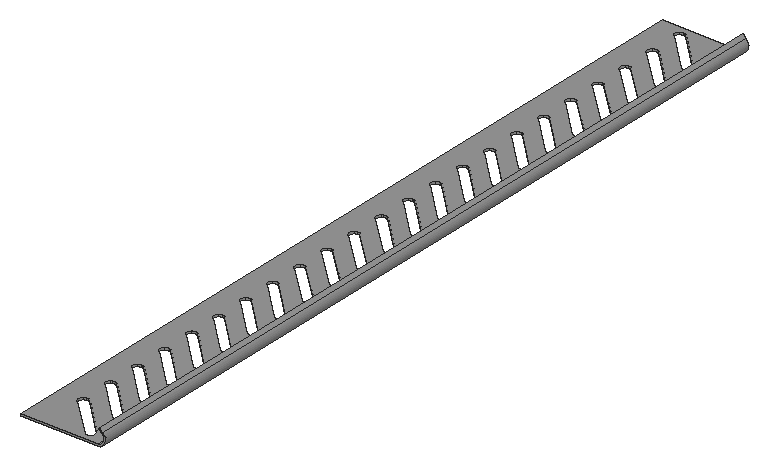
Revit family "Bodenendblech", category Generic Models, Revit 2015
Parameters (values of type "BEB 600 A4")
  URL = "http://www.obo-bettermann.com"
  Material = Stainless Steel, A4
  Manufacturer Art.No. = "7084151"
  Manufacturer = "OBO Bettermann"
  Length = 593 mm
  GTIN = "4012195866381"
  Cut's number = 22
  Article Type = "BEB 600 A4"
Types (29, lengths in mm): name | Material | Manufacturer Art.No. | Length | GTIN | Cut's number | Article Type
  (no name) | Stainless Steel, A4 | "7084151" | 593 | "4012195866381" | 22 | "BEB 600 A4"
  BEB 100 FS | Strip-galvanised | "7083106" | 93 | "4012196231072" | 2 | "BEB 100 FS"
  BEB 150 FS | Strip-galvanised | "7083157" | 143 | "4012196231133" | 4 | "BEB 150 FS"
  BEB 200 FS | Strip-galvanised | "7083203" | 193 | "4012196231195" | 6 | "BEB 200 FS"
  BEB 300 FS | Strip-galvanised | "7083300" | 293 | "4012196231256" | 10 | "BEB 300 FS"
  BEB 400 FS | Strip-galvanised | "7083408" | 393 | "4012196231317" | 14 | "BEB 400 FS"
  BEB 500 FS | Strip-galvanised | "7083505" | 493 | "4012196231379" | 18 | "BEB 500 FS"
  BEB 600 FS | Strip-galvanised | "7083602" | 593 | "4012196231492" | 22 | "BEB 600 FS"
  BEB 100 DD | Strip galvanised zinc/aluminium, Double Dip | "7083618" | 93 | "4012196983728" | 2 | "BEB 100 DD"
  BEB 150 DD | Strip galvanised zinc/aluminium, Double Dip | "7083622" | 143 | "4012196026883" | 4 | "BEB 150 DD"
  BEB 200 DD | Strip galvanised zinc/aluminium, Double Dip | "7083626" | 193 | "4012196982943" | 6 | "BEB 200 DD"
  BEB 300 DD | Strip galvanised zinc/aluminium, Double Dip | "7083630" | 293 | "4012196982882" | 10 | "BEB 300 DD"
  BEB 400 DD | Strip galvanised zinc/aluminium, Double Dip | "7083634" | 393 | "4012196024254" | 14 | "BEB 400 DD"
  BEB 500 DD | Strip galvanised zinc/aluminium, Double Dip | "7083638" | 493 | "4012196024490" | 18 | "BEB 500 DD"
  BEB 600 DD | Strip galvanised zinc/aluminium, Double Dip | "7083642" | 593 | "4012196034635" | 22 | "BEB 600 DD"
  BEB 100 A2 | Stainless Steel, A2 | "7084013" | 93 | "4012196232031" | 2 | "BEB 100 A2"
  BEB 150 A2 | Stainless Steel, A2 | "7084015" | 143 | "4012195995531" | 4 | "BEB 150 A2"
  BEB 200 A2 | Stainless Steel, A2 | "7084048" | 193 | "4012196232093" | 6 | "BEB 200 A2"
  BEB 300 A2 | Stainless Steel, A2 | "7084064" | 293 | "4012196232154" | 10 | "BEB 300 A2"
  BEB 400 A2 | Stainless Steel, A2 | "7084080" | 393 | "4012196232215" | 14 | "BEB 400 A2"
  BEB 500 A2 | Stainless Steel, A2 | "7084102" | 493 | "4012196232277" | 18 | "BEB 500 A2"
  BEB 600 A2 | Stainless Steel, A2 | "7084129" | 593 | "4012196232338" | 22 | "BEB 600 A2"
  BEB 100 A4 | Stainless Steel, A4 | "7084141" | 93 | "4012195866336" | 2 | "BEB 100 A4"
  BEB 150 A4 | Stainless Steel, A4 | "7084142" | 143 | "4012195995548" | 4 | "BEB 150 A4"
  BEB 200 A4 | Stainless Steel, A4 | "7084143" | 193 | "4012195866343" | 6 | "BEB 200 A4"
  BEB 300 A4 | Stainless Steel, A4 | "7084145" | 293 | "4012195866350" | 10 | "BEB 300 A4"
  BEB 400 A4 | Stainless Steel, A4 | "7084147" | 393 | "4012195866367" | 14 | "BEB 400 A4"
  BEB 500 A4 | Stainless Steel, A4 | "7084149" | 493 | "4012195866374" | 18 | "BEB 500 A4"
  BEB 600 A4 | Stainless Steel, A4 | "7084151" | 593 | "4012195866381" | 22 | "BEB 600 A4"
Reference planes
  plane 1 "Center (Front/Back)": y = 0
  plane 2: z = 0
  plane 3 "Center (Left/Right)": x = 0
  plane 4: z = 12.5
  plane 5: x = 34.476
Forms (mm)
  Extrusion 1, solid, material "Stainless Steel, A4" <- "Material"
    sketch origin (0, 0, 0) x (1, 0, 0) y (0, 0, 1)
      loop
        line (0, 0) -> (57.039, 0)
        arc (57.039, 0) -> (62.546, 3.68) -> (61.254, 10.177) r 5.961
        line (61.254, 10.177) -> (58.93, 12.5) -> (58.223, 11.793) -> (60.481, 9.536)
        arc (60.481, 9.536) -> (61.565, 4.087) -> (56.945, 1) r 5
        line (56.945, 1) -> (0, 1) -> (0, 0)
    from -593 to 0
  Extrusion 2, void
    sketch origin (0, 0, 0) x (1, 0, 0) y (0, 1, 0)
      loop
        line (16.081, 32.469) -> (42.96, 5.59)
        arc (42.96, 5.59) -> (45.429, 4.565) -> (47.902, 5.582) r 3.5
        arc (47.902, 5.582) -> (48.926, 8.07) -> (47.895, 10.555) r 3.521
        line (47.895, 10.555) -> (21.057, 37.392)
        arc (21.057, 37.392) -> (18.568, 38.425) -> (16.077, 37.397) r 3.525
        arc (16.077, 37.397) -> (15.06, 34.932) -> (16.081, 32.469) r 3.487
    from 0 to 250
  Extrusion 3, void
    sketch origin (0, 0, 0) x (1, 0, 0) y (0, 1, 0)
      loop
        line (16.088, 582.462) -> (42.952, 555.599)
        arc (42.952, 555.599) -> (45.424, 554.57) -> (47.902, 555.583) r 3.512
        arc (47.902, 555.583) -> (48.921, 558.077) -> (47.886, 560.564) r 3.533
        line (47.886, 560.564) -> (21.05, 587.4)
        arc (21.05, 587.4) -> (18.568, 588.429) -> (16.084, 587.404) r 3.514
        arc (16.084, 587.404) -> (15.064, 584.932) -> (16.088, 582.462) r 3.497
    from 0 to 250
  Extrusion 4, void
    sketch origin (0, 25, 0) x (1, 0, 0) y (0, 1, 0)
      loop
        line (16.081, 32.469) -> (42.96, 5.59)
        arc (42.96, 5.59) -> (45.429, 4.565) -> (47.902, 5.582) r 3.5
        arc (47.902, 5.582) -> (48.926, 8.07) -> (47.895, 10.555) r 3.521
        line (47.895, 10.555) -> (21.057, 37.392)
        arc (21.057, 37.392) -> (18.568, 38.425) -> (16.077, 37.397) r 3.525
        arc (16.077, 37.397) -> (15.06, 34.932) -> (16.081, 32.469) r 3.487
    from 0 to 250
  Extrusion 5, void
    sketch origin (0, 50, 0) x (1, 0, 0) y (0, 1, 0)
      loop
        line (16.081, 32.469) -> (42.96, 5.59)
        arc (42.96, 5.59) -> (45.429, 4.565) -> (47.902, 5.582) r 3.5
        arc (47.902, 5.582) -> (48.926, 8.07) -> (47.895, 10.555) r 3.521
        line (47.895, 10.555) -> (21.057, 37.392)
        arc (21.057, 37.392) -> (18.568, 38.425) -> (16.077, 37.397) r 3.525
        arc (16.077, 37.397) -> (15.06, 34.932) -> (16.081, 32.469) r 3.487
    from 0 to 250
  Extrusion 6, void
    sketch origin (0, 75, 0) x (1, 0, 0) y (0, 1, 0)
      loop
        line (16.081, 32.469) -> (42.96, 5.59)
        arc (42.96, 5.59) -> (45.429, 4.565) -> (47.902, 5.582) r 3.5
        arc (47.902, 5.582) -> (48.926, 8.07) -> (47.895, 10.555) r 3.521
        line (47.895, 10.555) -> (21.057, 37.392)
        arc (21.057, 37.392) -> (18.568, 38.425) -> (16.077, 37.397) r 3.525
        arc (16.077, 37.397) -> (15.06, 34.932) -> (16.081, 32.469) r 3.487
    from 0 to 250
  Extrusion 7, void
    sketch origin (0, 100, 0) x (1, 0, 0) y (0, 1, 0)
      loop
        line (16.081, 32.469) -> (42.96, 5.59)
        arc (42.96, 5.59) -> (45.429, 4.565) -> (47.902, 5.582) r 3.5
        arc (47.902, 5.582) -> (48.926, 8.07) -> (47.895, 10.555) r 3.521
        line (47.895, 10.555) -> (21.057, 37.392)
        arc (21.057, 37.392) -> (18.568, 38.425) -> (16.077, 37.397) r 3.525
        arc (16.077, 37.397) -> (15.06, 34.932) -> (16.081, 32.469) r 3.487
    from 0 to 250
  Extrusion 8, void
    sketch origin (0, 125, 0) x (1, 0, 0) y (0, 1, 0)
      loop
        line (16.081, 32.469) -> (42.96, 5.59)
        arc (42.96, 5.59) -> (45.429, 4.565) -> (47.902, 5.582) r 3.5
        arc (47.902, 5.582) -> (48.926, 8.07) -> (47.895, 10.555) r 3.521
        line (47.895, 10.555) -> (21.057, 37.392)
        arc (21.057, 37.392) -> (18.568, 38.425) -> (16.077, 37.397) r 3.525
        arc (16.077, 37.397) -> (15.06, 34.932) -> (16.081, 32.469) r 3.487
    from 0 to 250
  Extrusion 9, void
    sketch origin (0, 150, 0) x (1, 0, 0) y (0, 1, 0)
      loop
        line (16.081, 32.469) -> (42.96, 5.59)
        arc (42.96, 5.59) -> (45.429, 4.565) -> (47.902, 5.582) r 3.5
        arc (47.902, 5.582) -> (48.926, 8.07) -> (47.895, 10.555) r 3.521
        line (47.895, 10.555) -> (21.057, 37.392)
        arc (21.057, 37.392) -> (18.568, 38.425) -> (16.077, 37.397) r 3.525
        arc (16.077, 37.397) -> (15.06, 34.932) -> (16.081, 32.469) r 3.487
    from 0 to 250
  Extrusion 10, void
    sketch origin (0, 175, 0) x (1, 0, 0) y (0, 1, 0)
      loop
        line (16.081, 32.469) -> (42.96, 5.59)
        arc (42.96, 5.59) -> (45.429, 4.565) -> (47.902, 5.582) r 3.5
        arc (47.902, 5.582) -> (48.926, 8.07) -> (47.895, 10.555) r 3.521
        line (47.895, 10.555) -> (21.057, 37.392)
        arc (21.057, 37.392) -> (18.568, 38.425) -> (16.077, 37.397) r 3.525
        arc (16.077, 37.397) -> (15.06, 34.932) -> (16.081, 32.469) r 3.487
    from 0 to 250
  Extrusion 11, void
    sketch origin (0, 200, 0) x (1, 0, 0) y (0, 1, 0)
      loop
        line (16.081, 32.469) -> (42.96, 5.59)
        arc (42.96, 5.59) -> (45.429, 4.565) -> (47.902, 5.582) r 3.5
        arc (47.902, 5.582) -> (48.926, 8.07) -> (47.895, 10.555) r 3.521
        line (47.895, 10.555) -> (21.057, 37.392)
        arc (21.057, 37.392) -> (18.568, 38.425) -> (16.077, 37.397) r 3.525
        arc (16.077, 37.397) -> (15.06, 34.932) -> (16.081, 32.469) r 3.487
    from 0 to 250
  Extrusion 12, void
    sketch origin (0, 225, 0) x (1, 0, 0) y (0, 1, 0)
      loop
        line (16.081, 32.469) -> (42.96, 5.59)
        arc (42.96, 5.59) -> (45.429, 4.565) -> (47.902, 5.582) r 3.5
        arc (47.902, 5.582) -> (48.926, 8.07) -> (47.895, 10.555) r 3.521
        line (47.895, 10.555) -> (21.057, 37.392)
        arc (21.057, 37.392) -> (18.568, 38.425) -> (16.077, 37.397) r 3.525
        arc (16.077, 37.397) -> (15.06, 34.932) -> (16.081, 32.469) r 3.487
    from 0 to 250
  Extrusion 13, void
    sketch origin (0, 250, 0) x (1, 0, 0) y (0, 1, 0)
      loop
        line (16.081, 32.469) -> (42.96, 5.59)
        arc (42.96, 5.59) -> (45.429, 4.565) -> (47.902, 5.582) r 3.5
        arc (47.902, 5.582) -> (48.926, 8.07) -> (47.895, 10.555) r 3.521
        line (47.895, 10.555) -> (21.057, 37.392)
        arc (21.057, 37.392) -> (18.568, 38.425) -> (16.077, 37.397) r 3.525
        arc (16.077, 37.397) -> (15.06, 34.932) -> (16.081, 32.469) r 3.487
    from 0 to 250
  Extrusion 14, void
    sketch origin (0, 275, 0) x (1, 0, 0) y (0, 1, 0)
      loop
        line (16.081, 32.469) -> (42.96, 5.59)
        arc (42.96, 5.59) -> (45.429, 4.565) -> (47.902, 5.582) r 3.5
        arc (47.902, 5.582) -> (48.926, 8.07) -> (47.895, 10.555) r 3.521
        line (47.895, 10.555) -> (21.057, 37.392)
        arc (21.057, 37.392) -> (18.568, 38.425) -> (16.077, 37.397) r 3.525
        arc (16.077, 37.397) -> (15.06, 34.932) -> (16.081, 32.469) r 3.487
    from 0 to 250
  Extrusion 15, void
    sketch origin (0, 300, 0) x (1, 0, 0) y (0, 1, 0)
      loop
        line (16.081, 32.469) -> (42.96, 5.59)
        arc (42.96, 5.59) -> (45.429, 4.565) -> (47.902, 5.582) r 3.5
        arc (47.902, 5.582) -> (48.926, 8.07) -> (47.895, 10.555) r 3.521
        line (47.895, 10.555) -> (21.057, 37.392)
        arc (21.057, 37.392) -> (18.568, 38.425) -> (16.077, 37.397) r 3.525
        arc (16.077, 37.397) -> (15.06, 34.932) -> (16.081, 32.469) r 3.487
    from 0 to 250
  Extrusion 16, void
    sketch origin (0, 325, 0) x (1, 0, 0) y (0, 1, 0)
      loop
        line (16.081, 32.469) -> (42.96, 5.59)
        arc (42.96, 5.59) -> (45.429, 4.565) -> (47.902, 5.582) r 3.5
        arc (47.902, 5.582) -> (48.926, 8.07) -> (47.895, 10.555) r 3.521
        line (47.895, 10.555) -> (21.057, 37.392)
        arc (21.057, 37.392) -> (18.568, 38.425) -> (16.077, 37.397) r 3.525
        arc (16.077, 37.397) -> (15.06, 34.932) -> (16.081, 32.469) r 3.487
    from 0 to 250
  Extrusion 17, void
    sketch origin (0, 350, 0) x (1, 0, 0) y (0, 1, 0)
      loop
        line (16.081, 32.469) -> (42.96, 5.59)
        arc (42.96, 5.59) -> (45.429, 4.565) -> (47.902, 5.582) r 3.5
        arc (47.902, 5.582) -> (48.926, 8.07) -> (47.895, 10.555) r 3.521
        line (47.895, 10.555) -> (21.057, 37.392)
        arc (21.057, 37.392) -> (18.568, 38.425) -> (16.077, 37.397) r 3.525
        arc (16.077, 37.397) -> (15.06, 34.932) -> (16.081, 32.469) r 3.487
    from 0 to 250
  Extrusion 18, void
    sketch origin (0, 375, 0) x (1, 0, 0) y (0, 1, 0)
      loop
        line (16.081, 32.469) -> (42.96, 5.59)
        arc (42.96, 5.59) -> (45.429, 4.565) -> (47.902, 5.582) r 3.5
        arc (47.902, 5.582) -> (48.926, 8.07) -> (47.895, 10.555) r 3.521
        line (47.895, 10.555) -> (21.057, 37.392)
        arc (21.057, 37.392) -> (18.568, 38.425) -> (16.077, 37.397) r 3.525
        arc (16.077, 37.397) -> (15.06, 34.932) -> (16.081, 32.469) r 3.487
    from 0 to 250
  Extrusion 19, void
    sketch origin (0, 400, 0) x (1, 0, 0) y (0, 1, 0)
      loop
        line (16.081, 32.469) -> (42.96, 5.59)
        arc (42.96, 5.59) -> (45.429, 4.565) -> (47.902, 5.582) r 3.5
        arc (47.902, 5.582) -> (48.926, 8.07) -> (47.895, 10.555) r 3.521
        line (47.895, 10.555) -> (21.057, 37.392)
        arc (21.057, 37.392) -> (18.568, 38.425) -> (16.077, 37.397) r 3.525
        arc (16.077, 37.397) -> (15.06, 34.932) -> (16.081, 32.469) r 3.487
    from 0 to 250
  Extrusion 20, void
    sketch origin (0, 425, 0) x (1, 0, 0) y (0, 1, 0)
      loop
        line (16.081, 32.469) -> (42.96, 5.59)
        arc (42.96, 5.59) -> (45.429, 4.565) -> (47.902, 5.582) r 3.5
        arc (47.902, 5.582) -> (48.926, 8.07) -> (47.895, 10.555) r 3.521
        line (47.895, 10.555) -> (21.057, 37.392)
        arc (21.057, 37.392) -> (18.568, 38.425) -> (16.077, 37.397) r 3.525
        arc (16.077, 37.397) -> (15.06, 34.932) -> (16.081, 32.469) r 3.487
    from 0 to 250
  Extrusion 21, void
    sketch origin (0, 450, 0) x (1, 0, 0) y (0, 1, 0)
      loop
        line (16.081, 32.469) -> (42.96, 5.59)
        arc (42.96, 5.59) -> (45.429, 4.565) -> (47.902, 5.582) r 3.5
        arc (47.902, 5.582) -> (48.926, 8.07) -> (47.895, 10.555) r 3.521
        line (47.895, 10.555) -> (21.057, 37.392)
        arc (21.057, 37.392) -> (18.568, 38.425) -> (16.077, 37.397) r 3.525
        arc (16.077, 37.397) -> (15.06, 34.932) -> (16.081, 32.469) r 3.487
    from 0 to 250
  Extrusion 22, void
    sketch origin (0, 475, 0) x (1, 0, 0) y (0, 1, 0)
      loop
        line (16.081, 32.469) -> (42.96, 5.59)
        arc (42.96, 5.59) -> (45.429, 4.565) -> (47.902, 5.582) r 3.5
        arc (47.902, 5.582) -> (48.926, 8.07) -> (47.895, 10.555) r 3.521
        line (47.895, 10.555) -> (21.057, 37.392)
        arc (21.057, 37.392) -> (18.568, 38.425) -> (16.077, 37.397) r 3.525
        arc (16.077, 37.397) -> (15.06, 34.932) -> (16.081, 32.469) r 3.487
    from 0 to 250
  Extrusion 23, void
    sketch origin (0, 500, 0) x (1, 0, 0) y (0, 1, 0)
      loop
        line (16.081, 32.469) -> (42.96, 5.59)
        arc (42.96, 5.59) -> (45.429, 4.565) -> (47.902, 5.582) r 3.5
        arc (47.902, 5.582) -> (48.926, 8.07) -> (47.895, 10.555) r 3.521
        line (47.895, 10.555) -> (21.057, 37.392)
        arc (21.057, 37.392) -> (18.568, 38.425) -> (16.077, 37.397) r 3.525
        arc (16.077, 37.397) -> (15.06, 34.932) -> (16.081, 32.469) r 3.487
    from 0 to 250
  Extrusion 24, void
    sketch origin (0, 525, 0) x (1, 0, 0) y (0, 1, 0)
      loop
        line (16.081, 32.469) -> (42.96, 5.59)
        arc (42.96, 5.59) -> (45.429, 4.565) -> (47.902, 5.582) r 3.5
        arc (47.902, 5.582) -> (48.926, 8.07) -> (47.895, 10.555) r 3.521
        line (47.895, 10.555) -> (21.057, 37.392)
        arc (21.057, 37.392) -> (18.568, 38.425) -> (16.077, 37.397) r 3.525
        arc (16.077, 37.397) -> (15.06, 34.932) -> (16.081, 32.469) r 3.487
    from 0 to 250
Cuts and joins
  Extrusion 2, Extrusion 3, Extrusion 4, Extrusion 5, Extrusion 6, Extrusion 7, Extrusion 8, Extrusion 9, Extrusion 10, Extrusion 11, Extrusion 12, Extrusion 13, Extrusion 14, Extrusion 15, Extrusion 16, Extrusion 17, Extrusion 18, Extrusion 19, Extrusion 20, Extrusion 21, Extrusion 22, Extrusion 23, Extrusion 24 cuts Extrusion 1
Dimensions and locks
  locked: Extrusion 1 sketch curve to Extrusion 1 sketch curve at 1  (x2)
  locked: plane 4 to level at 12.5
  locked: Extrusion 1 sketch curve to plane 3 "Center (Left/Right)" at 63
  locked: Extrusion 1 sketch curve to Extrusion 1 sketch curve at 10.793
  "Length": Extrusion 1 to Extrusion 1
  locked: Extrusion 2 sketch curve to Extrusion 2 sketch curve at 7
  locked: Extrusion 2 sketch curve to Extrusion 2 sketch curve at 45
  locked: Extrusion 3 sketch curve to Extrusion 3 sketch curve at 7
  locked: Extrusion 3 sketch curve to Extrusion 3 sketch curve at 45
  locked: cut or joined group 1 (Extrusion 1, Extrusion 2, Extrusion 3, Extrusion 4, Extrusion 5, Extrusion 6, Extrusion 7, Extrusion 8, Extrusion 9, Extrusion 10, Extrusion 11, Extrusion 12, Extrusion 13, Extrusion 14, Extrusion 15, Extrusion 16, Extrusion 17, Extrusion 18, Extrusion 19, Extrusion 20, Extrusion 21, Extrusion 22, Extrusion 23, Extrusion 24) to Extrusion 3 sketch curve at 5.6
  locked: cut or joined group 1 to Extrusion 3 sketch curve at 10.538
  locked: cut or joined group 1 to Extrusion 3 sketch curve at 32.436
  locked: cut or joined group 1 to Extrusion 3 sketch curve at 37.401
  locked: plane 3 "Center (Left/Right)" to Extrusion 3 sketch curve at 16.088
  plane 3 "Center (Left/Right)" to Extrusion 3 sketch curve = 21.05 mm
  plane 3 "Center (Left/Right)" to Extrusion 3 sketch curve = 42.952 mm
  locked: Extrusion 4 sketch curve to Extrusion 4 sketch curve at 7
  locked: Extrusion 4 sketch curve to Extrusion 4 sketch curve at 45
  equal spacing: group 1, group 2, group 3, group 4, group 5, group 6, group 7, group 8, group 9, group 10, group 11, group 12, group 13, group 14, group 15, group 16, group 17, group 18, group 19, group 20, group 21, group 22  (x3)
  locked: cut or joined group 1 to cut or joined group 1 at 17.678
  locked: cut or joined group 1 to cut or joined group 1 at 15.06
  locked: Extrusion 5 sketch curve to Extrusion 5 sketch curve at 7
  locked: Extrusion 5 sketch curve to Extrusion 5 sketch curve at 45
  locked: Extrusion 6 sketch curve to Extrusion 6 sketch curve at 7
  locked: Extrusion 6 sketch curve to Extrusion 6 sketch curve at 45
  locked: Extrusion 7 sketch curve to Extrusion 7 sketch curve at 7
  locked: Extrusion 7 sketch curve to Extrusion 7 sketch curve at 45
  locked: Extrusion 8 sketch curve to Extrusion 8 sketch curve at 7
  locked: Extrusion 8 sketch curve to Extrusion 8 sketch curve at 45
  locked: Extrusion 9 sketch curve to Extrusion 9 sketch curve at 7
  locked: Extrusion 9 sketch curve to Extrusion 9 sketch curve at 45
  locked: Extrusion 10 sketch curve to Extrusion 10 sketch curve at 7
  locked: Extrusion 10 sketch curve to Extrusion 10 sketch curve at 45
  locked: Extrusion 11 sketch curve to Extrusion 11 sketch curve at 7
  locked: Extrusion 11 sketch curve to Extrusion 11 sketch curve at 45
  locked: Extrusion 12 sketch curve to Extrusion 12 sketch curve at 7
  locked: Extrusion 12 sketch curve to Extrusion 12 sketch curve at 45
  locked: Extrusion 13 sketch curve to Extrusion 13 sketch curve at 7
  locked: Extrusion 13 sketch curve to Extrusion 13 sketch curve at 45
  locked: Extrusion 14 sketch curve to Extrusion 14 sketch curve at 7
  locked: Extrusion 14 sketch curve to Extrusion 14 sketch curve at 45
  locked: Extrusion 15 sketch curve to Extrusion 15 sketch curve at 7
  locked: Extrusion 15 sketch curve to Extrusion 15 sketch curve at 45
  locked: Extrusion 16 sketch curve to Extrusion 16 sketch curve at 7
  locked: Extrusion 16 sketch curve to Extrusion 16 sketch curve at 45
  locked: Extrusion 17 sketch curve to Extrusion 17 sketch curve at 7
  locked: Extrusion 17 sketch curve to Extrusion 17 sketch curve at 45
  locked: Extrusion 18 sketch curve to Extrusion 18 sketch curve at 7
  locked: Extrusion 18 sketch curve to Extrusion 18 sketch curve at 45
  locked: Extrusion 19 sketch curve to Extrusion 19 sketch curve at 7
  locked: Extrusion 19 sketch curve to Extrusion 19 sketch curve at 45
  locked: Extrusion 20 sketch curve to Extrusion 20 sketch curve at 7
  locked: Extrusion 20 sketch curve to Extrusion 20 sketch curve at 45
  locked: Extrusion 21 sketch curve to Extrusion 21 sketch curve at 7
  locked: Extrusion 21 sketch curve to Extrusion 21 sketch curve at 45
  locked: Extrusion 22 sketch curve to Extrusion 22 sketch curve at 7
  locked: Extrusion 22 sketch curve to Extrusion 22 sketch curve at 45
  locked: Extrusion 23 sketch curve to Extrusion 23 sketch curve at 7
  locked: Extrusion 23 sketch curve to Extrusion 23 sketch curve at 45
  locked: Extrusion 24 sketch curve to Extrusion 24 sketch curve at 7
  locked: Extrusion 24 sketch curve to Extrusion 24 sketch curve at 45
  radius of Extrusion 1 sketch curve = 5 mm
  radius of Extrusion 1 sketch curve = 5.961 mm
  radius of Extrusion 3 sketch curve = 3.514 mm
  radius of Extrusion 3 sketch curve = 3.497 mm
  radius of Extrusion 3 sketch curve = 3.512 mm
  radius of Extrusion 3 sketch curve = 3.533 mm
  locked: Extrusion 1 sketch curve to Extrusion 1 sketch curve (angle 45.00°)
  locked: Extrusion 3 sketch curve to cut or joined group 1 (angle 45.00°)
  aligned and locked: level to plane 2
  aligned and locked: plane 3 "Center (Left/Right)" to Extrusion 1 sketch curve
  aligned and locked: Extrusion 1 sketch curve to level
  aligned and locked: plane 1 "Center (Front/Back)" to Extrusion 1
Automatic sketch dimensions
  Extrusion 1 sketch curve to plane 4 = 2.964 mm
  Extrusion 1 sketch curve to plane 4 = 2.323 mm
  Extrusion 2 sketch curve to Extrusion 2 sketch curve = 2.466 mm
  Extrusion 2 sketch curve to Extrusion 2 sketch curve = 0.018 mm
  Extrusion 2 sketch curve to Extrusion 2 sketch curve = 2.51 mm
  Extrusion 2 sketch curve to Extrusion 2 sketch curve = 2.445 mm
  Extrusion 2 sketch curve to Extrusion 2 sketch curve = 0.03 mm
  Extrusion 2 sketch curve to Extrusion 2 sketch curve = 0 mm
  Extrusion 2 sketch curve to Extrusion 2 sketch curve = 2.431 mm
  Extrusion 2 sketch curve to Extrusion 2 sketch curve = 0.035 mm
  Extrusion 2 sketch curve to Extrusion 2 sketch curve = 2.467 mm
  Extrusion 3 sketch curve to Extrusion 3 sketch curve = 0.004 mm
  Extrusion 3 sketch curve to Extrusion 3 sketch curve = 2.436 mm
  Extrusion 3 sketch curve to Extrusion 3 sketch curve = 0.017 mm
  Extrusion 2 sketch curve to Extrusion 2 sketch curve = 26.879 mm
  Extrusion 2 sketch curve to Extrusion 2 sketch curve = 2.46 mm
  Extrusion 4 sketch curve to Extrusion 4 sketch curve = 2.466 mm
  Extrusion 4 sketch curve to Extrusion 4 sketch curve = 0.018 mm
  Extrusion 4 sketch curve to Extrusion 4 sketch curve = 2.51 mm
  Extrusion 4 sketch curve to Extrusion 4 sketch curve = 2.445 mm
  Extrusion 4 sketch curve to Extrusion 4 sketch curve = 0.03 mm
  Extrusion 4 sketch curve to Extrusion 4 sketch curve = 0 mm
  Extrusion 4 sketch curve to Extrusion 4 sketch curve = 2.431 mm
  Extrusion 4 sketch curve to Extrusion 4 sketch curve = 0.035 mm
  Extrusion 4 sketch curve to Extrusion 4 sketch curve = 2.467 mm
  Extrusion 4 sketch curve to Extrusion 4 sketch curve = 26.879 mm
  Extrusion 4 sketch curve to Extrusion 4 sketch curve = 2.46 mm
  Extrusion 5 sketch curve to Extrusion 5 sketch curve = 2.466 mm
  Extrusion 5 sketch curve to Extrusion 5 sketch curve = 0.018 mm
  Extrusion 5 sketch curve to Extrusion 5 sketch curve = 2.51 mm
  Extrusion 5 sketch curve to Extrusion 5 sketch curve = 2.445 mm
  Extrusion 5 sketch curve to Extrusion 5 sketch curve = 0.03 mm
  Extrusion 5 sketch curve to Extrusion 5 sketch curve = 0 mm
  Extrusion 5 sketch curve to Extrusion 5 sketch curve = 2.431 mm
  Extrusion 5 sketch curve to Extrusion 5 sketch curve = 0.035 mm
  Extrusion 5 sketch curve to Extrusion 5 sketch curve = 2.467 mm
  Extrusion 5 sketch curve to Extrusion 5 sketch curve = 26.879 mm
  Extrusion 5 sketch curve to Extrusion 5 sketch curve = 2.46 mm
  Extrusion 6 sketch curve to Extrusion 6 sketch curve = 2.466 mm
  Extrusion 6 sketch curve to Extrusion 6 sketch curve = 0.018 mm
  Extrusion 6 sketch curve to Extrusion 6 sketch curve = 2.51 mm
  Extrusion 6 sketch curve to Extrusion 6 sketch curve = 2.445 mm
  Extrusion 6 sketch curve to Extrusion 6 sketch curve = 0.03 mm
  Extrusion 6 sketch curve to Extrusion 6 sketch curve = 0 mm
  Extrusion 6 sketch curve to Extrusion 6 sketch curve = 2.431 mm
  Extrusion 6 sketch curve to Extrusion 6 sketch curve = 0.035 mm
  Extrusion 6 sketch curve to Extrusion 6 sketch curve = 2.467 mm
  Extrusion 6 sketch curve to Extrusion 6 sketch curve = 26.879 mm
  Extrusion 6 sketch curve to Extrusion 6 sketch curve = 2.46 mm
  Extrusion 7 sketch curve to Extrusion 7 sketch curve = 2.466 mm
  Extrusion 7 sketch curve to Extrusion 7 sketch curve = 0.018 mm
  Extrusion 7 sketch curve to Extrusion 7 sketch curve = 2.51 mm
  Extrusion 7 sketch curve to Extrusion 7 sketch curve = 2.445 mm
  Extrusion 7 sketch curve to Extrusion 7 sketch curve = 0.03 mm
  Extrusion 7 sketch curve to Extrusion 7 sketch curve = 0 mm
  Extrusion 7 sketch curve to Extrusion 7 sketch curve = 2.431 mm
  Extrusion 7 sketch curve to Extrusion 7 sketch curve = 0.035 mm
  Extrusion 7 sketch curve to Extrusion 7 sketch curve = 2.467 mm
  Extrusion 7 sketch curve to Extrusion 7 sketch curve = 26.879 mm
  Extrusion 7 sketch curve to Extrusion 7 sketch curve = 2.46 mm
  Extrusion 8 sketch curve to Extrusion 8 sketch curve = 2.466 mm
  Extrusion 8 sketch curve to Extrusion 8 sketch curve = 0.018 mm
  Extrusion 8 sketch curve to Extrusion 8 sketch curve = 2.51 mm
  Extrusion 8 sketch curve to Extrusion 8 sketch curve = 2.445 mm
  Extrusion 8 sketch curve to Extrusion 8 sketch curve = 0.03 mm
  Extrusion 8 sketch curve to Extrusion 8 sketch curve = 0 mm
  Extrusion 8 sketch curve to Extrusion 8 sketch curve = 2.431 mm
  Extrusion 8 sketch curve to Extrusion 8 sketch curve = 0.035 mm
  Extrusion 8 sketch curve to Extrusion 8 sketch curve = 2.467 mm
  Extrusion 8 sketch curve to Extrusion 8 sketch curve = 26.879 mm
  Extrusion 8 sketch curve to Extrusion 8 sketch curve = 2.46 mm
  Extrusion 9 sketch curve to Extrusion 9 sketch curve = 2.466 mm
  Extrusion 9 sketch curve to Extrusion 9 sketch curve = 0.018 mm
  Extrusion 9 sketch curve to Extrusion 9 sketch curve = 2.51 mm
  Extrusion 9 sketch curve to Extrusion 9 sketch curve = 2.445 mm
  Extrusion 9 sketch curve to Extrusion 9 sketch curve = 0.03 mm
  Extrusion 9 sketch curve to Extrusion 9 sketch curve = 0 mm
  Extrusion 9 sketch curve to Extrusion 9 sketch curve = 2.431 mm
  Extrusion 9 sketch curve to Extrusion 9 sketch curve = 0.035 mm
  Extrusion 9 sketch curve to Extrusion 9 sketch curve = 2.467 mm
  Extrusion 9 sketch curve to Extrusion 9 sketch curve = 26.879 mm
  Extrusion 9 sketch curve to Extrusion 9 sketch curve = 2.46 mm
  Extrusion 10 sketch curve to Extrusion 10 sketch curve = 2.466 mm
  Extrusion 10 sketch curve to Extrusion 10 sketch curve = 0.018 mm
  Extrusion 10 sketch curve to Extrusion 10 sketch curve = 2.51 mm
  Extrusion 10 sketch curve to Extrusion 10 sketch curve = 2.445 mm
  Extrusion 10 sketch curve to Extrusion 10 sketch curve = 0.03 mm
  Extrusion 10 sketch curve to Extrusion 10 sketch curve = 0 mm
  Extrusion 10 sketch curve to Extrusion 10 sketch curve = 2.431 mm
  Extrusion 10 sketch curve to Extrusion 10 sketch curve = 0.035 mm
  Extrusion 10 sketch curve to Extrusion 10 sketch curve = 2.467 mm
  Extrusion 10 sketch curve to Extrusion 10 sketch curve = 26.879 mm
  Extrusion 10 sketch curve to Extrusion 10 sketch curve = 2.46 mm
  Extrusion 11 sketch curve to Extrusion 11 sketch curve = 2.466 mm
  Extrusion 11 sketch curve to Extrusion 11 sketch curve = 0.018 mm
  Extrusion 11 sketch curve to Extrusion 11 sketch curve = 2.51 mm
  Extrusion 11 sketch curve to Extrusion 11 sketch curve = 2.445 mm
  Extrusion 11 sketch curve to Extrusion 11 sketch curve = 0.03 mm
  Extrusion 11 sketch curve to Extrusion 11 sketch curve = 0 mm
  Extrusion 11 sketch curve to Extrusion 11 sketch curve = 2.431 mm
  Extrusion 11 sketch curve to Extrusion 11 sketch curve = 0.035 mm
  Extrusion 11 sketch curve to Extrusion 11 sketch curve = 2.467 mm
  Extrusion 11 sketch curve to Extrusion 11 sketch curve = 26.879 mm
  Extrusion 11 sketch curve to Extrusion 11 sketch curve = 2.46 mm
  Extrusion 12 sketch curve to Extrusion 12 sketch curve = 2.466 mm
  Extrusion 12 sketch curve to Extrusion 12 sketch curve = 0.018 mm
  Extrusion 12 sketch curve to Extrusion 12 sketch curve = 2.51 mm
  Extrusion 12 sketch curve to Extrusion 12 sketch curve = 2.445 mm
  Extrusion 12 sketch curve to Extrusion 12 sketch curve = 0.03 mm
  Extrusion 12 sketch curve to Extrusion 12 sketch curve = 0 mm
  Extrusion 12 sketch curve to Extrusion 12 sketch curve = 2.431 mm
  Extrusion 12 sketch curve to Extrusion 12 sketch curve = 0.035 mm
  Extrusion 12 sketch curve to Extrusion 12 sketch curve = 2.467 mm
  Extrusion 12 sketch curve to Extrusion 12 sketch curve = 26.879 mm
  Extrusion 12 sketch curve to Extrusion 12 sketch curve = 2.46 mm
  Extrusion 13 sketch curve to Extrusion 13 sketch curve = 2.466 mm
  Extrusion 13 sketch curve to Extrusion 13 sketch curve = 0.018 mm
  Extrusion 13 sketch curve to Extrusion 13 sketch curve = 2.51 mm
  Extrusion 13 sketch curve to Extrusion 13 sketch curve = 2.445 mm
  Extrusion 13 sketch curve to Extrusion 13 sketch curve = 0.03 mm
  Extrusion 13 sketch curve to Extrusion 13 sketch curve = 0 mm
  Extrusion 13 sketch curve to Extrusion 13 sketch curve = 2.431 mm
  Extrusion 13 sketch curve to Extrusion 13 sketch curve = 0.035 mm
  Extrusion 13 sketch curve to Extrusion 13 sketch curve = 2.467 mm
  Extrusion 13 sketch curve to Extrusion 13 sketch curve = 26.879 mm
  Extrusion 13 sketch curve to Extrusion 13 sketch curve = 2.46 mm
  Extrusion 14 sketch curve to Extrusion 14 sketch curve = 2.466 mm
  Extrusion 14 sketch curve to Extrusion 14 sketch curve = 0.018 mm
  Extrusion 14 sketch curve to Extrusion 14 sketch curve = 2.51 mm
  Extrusion 14 sketch curve to Extrusion 14 sketch curve = 2.445 mm
  Extrusion 14 sketch curve to Extrusion 14 sketch curve = 0.03 mm
  Extrusion 14 sketch curve to Extrusion 14 sketch curve = 0 mm
  Extrusion 14 sketch curve to Extrusion 14 sketch curve = 2.431 mm
  Extrusion 14 sketch curve to Extrusion 14 sketch curve = 0.035 mm
  Extrusion 14 sketch curve to Extrusion 14 sketch curve = 2.467 mm
  Extrusion 14 sketch curve to Extrusion 14 sketch curve = 26.879 mm
  Extrusion 14 sketch curve to Extrusion 14 sketch curve = 2.46 mm
  Extrusion 15 sketch curve to Extrusion 15 sketch curve = 2.466 mm
  Extrusion 15 sketch curve to Extrusion 15 sketch curve = 0.018 mm
  Extrusion 15 sketch curve to Extrusion 15 sketch curve = 2.51 mm
  Extrusion 15 sketch curve to Extrusion 15 sketch curve = 2.445 mm
  Extrusion 15 sketch curve to Extrusion 15 sketch curve = 0.03 mm
  Extrusion 15 sketch curve to Extrusion 15 sketch curve = 0 mm
  Extrusion 15 sketch curve to Extrusion 15 sketch curve = 2.431 mm
  Extrusion 15 sketch curve to Extrusion 15 sketch curve = 0.035 mm
  Extrusion 15 sketch curve to Extrusion 15 sketch curve = 2.467 mm
  Extrusion 15 sketch curve to Extrusion 15 sketch curve = 26.879 mm
  Extrusion 15 sketch curve to Extrusion 15 sketch curve = 2.46 mm
  Extrusion 16 sketch curve to Extrusion 16 sketch curve = 2.466 mm
  Extrusion 16 sketch curve to Extrusion 16 sketch curve = 0.018 mm
  Extrusion 16 sketch curve to Extrusion 16 sketch curve = 2.51 mm
  Extrusion 16 sketch curve to Extrusion 16 sketch curve = 2.445 mm
  Extrusion 16 sketch curve to Extrusion 16 sketch curve = 0.03 mm
  Extrusion 16 sketch curve to Extrusion 16 sketch curve = 0 mm
  Extrusion 16 sketch curve to Extrusion 16 sketch curve = 2.431 mm
  Extrusion 16 sketch curve to Extrusion 16 sketch curve = 0.035 mm
  Extrusion 16 sketch curve to Extrusion 16 sketch curve = 2.467 mm
  Extrusion 16 sketch curve to Extrusion 16 sketch curve = 26.879 mm
  Extrusion 16 sketch curve to Extrusion 16 sketch curve = 2.46 mm
  Extrusion 17 sketch curve to Extrusion 17 sketch curve = 2.466 mm
  Extrusion 17 sketch curve to Extrusion 17 sketch curve = 0.018 mm
  Extrusion 17 sketch curve to Extrusion 17 sketch curve = 2.51 mm
  Extrusion 17 sketch curve to Extrusion 17 sketch curve = 2.445 mm
  Extrusion 17 sketch curve to Extrusion 17 sketch curve = 0.03 mm
  Extrusion 17 sketch curve to Extrusion 17 sketch curve = 0 mm
  Extrusion 17 sketch curve to Extrusion 17 sketch curve = 2.431 mm
  Extrusion 17 sketch curve to Extrusion 17 sketch curve = 0.035 mm
  Extrusion 17 sketch curve to Extrusion 17 sketch curve = 2.467 mm
  Extrusion 17 sketch curve to Extrusion 17 sketch curve = 26.879 mm
  Extrusion 17 sketch curve to Extrusion 17 sketch curve = 2.46 mm
  Extrusion 18 sketch curve to Extrusion 18 sketch curve = 2.466 mm
  Extrusion 18 sketch curve to Extrusion 18 sketch curve = 0.018 mm
  Extrusion 18 sketch curve to Extrusion 18 sketch curve = 2.51 mm
  Extrusion 18 sketch curve to Extrusion 18 sketch curve = 2.445 mm
  Extrusion 18 sketch curve to Extrusion 18 sketch curve = 0.03 mm
  Extrusion 18 sketch curve to Extrusion 18 sketch curve = 0 mm
  Extrusion 18 sketch curve to Extrusion 18 sketch curve = 2.431 mm
  Extrusion 18 sketch curve to Extrusion 18 sketch curve = 0.035 mm
  Extrusion 18 sketch curve to Extrusion 18 sketch curve = 2.467 mm
  Extrusion 18 sketch curve to Extrusion 18 sketch curve = 26.879 mm
  Extrusion 18 sketch curve to Extrusion 18 sketch curve = 2.46 mm
  Extrusion 19 sketch curve to Extrusion 19 sketch curve = 2.466 mm
  Extrusion 19 sketch curve to Extrusion 19 sketch curve = 0.018 mm
  Extrusion 19 sketch curve to Extrusion 19 sketch curve = 2.51 mm
  Extrusion 19 sketch curve to Extrusion 19 sketch curve = 2.445 mm
  Extrusion 19 sketch curve to Extrusion 19 sketch curve = 0.03 mm
  Extrusion 19 sketch curve to Extrusion 19 sketch curve = 0 mm
  Extrusion 19 sketch curve to Extrusion 19 sketch curve = 2.431 mm
  Extrusion 19 sketch curve to Extrusion 19 sketch curve = 0.035 mm
  Extrusion 19 sketch curve to Extrusion 19 sketch curve = 2.467 mm
  Extrusion 19 sketch curve to Extrusion 19 sketch curve = 26.879 mm
  Extrusion 19 sketch curve to Extrusion 19 sketch curve = 2.46 mm
  Extrusion 20 sketch curve to Extrusion 20 sketch curve = 2.466 mm
  Extrusion 20 sketch curve to Extrusion 20 sketch curve = 0.018 mm
  Extrusion 20 sketch curve to Extrusion 20 sketch curve = 2.51 mm
  Extrusion 20 sketch curve to Extrusion 20 sketch curve = 2.445 mm
  Extrusion 20 sketch curve to Extrusion 20 sketch curve = 0.03 mm
  Extrusion 20 sketch curve to Extrusion 20 sketch curve = 0 mm
  Extrusion 20 sketch curve to Extrusion 20 sketch curve = 2.431 mm
  Extrusion 20 sketch curve to Extrusion 20 sketch curve = 0.035 mm
  Extrusion 20 sketch curve to Extrusion 20 sketch curve = 2.467 mm
  Extrusion 20 sketch curve to Extrusion 20 sketch curve = 26.879 mm
  Extrusion 20 sketch curve to Extrusion 20 sketch curve = 2.46 mm
  Extrusion 21 sketch curve to Extrusion 21 sketch curve = 2.466 mm
  Extrusion 21 sketch curve to Extrusion 21 sketch curve = 0.018 mm
  Extrusion 21 sketch curve to Extrusion 21 sketch curve = 2.51 mm
  Extrusion 21 sketch curve to Extrusion 21 sketch curve = 2.445 mm
  Extrusion 21 sketch curve to Extrusion 21 sketch curve = 0.03 mm
  Extrusion 21 sketch curve to Extrusion 21 sketch curve = 0 mm
  Extrusion 21 sketch curve to Extrusion 21 sketch curve = 2.431 mm
  Extrusion 21 sketch curve to Extrusion 21 sketch curve = 0.035 mm
  Extrusion 21 sketch curve to Extrusion 21 sketch curve = 2.467 mm
  Extrusion 21 sketch curve to Extrusion 21 sketch curve = 26.879 mm
  Extrusion 21 sketch curve to Extrusion 21 sketch curve = 2.46 mm
  Extrusion 22 sketch curve to Extrusion 22 sketch curve = 2.466 mm
  Extrusion 22 sketch curve to Extrusion 22 sketch curve = 0.018 mm
  Extrusion 22 sketch curve to Extrusion 22 sketch curve = 2.51 mm
  Extrusion 22 sketch curve to Extrusion 22 sketch curve = 2.445 mm
  Extrusion 22 sketch curve to Extrusion 22 sketch curve = 0.03 mm
  Extrusion 22 sketch curve to Extrusion 22 sketch curve = 0 mm
  Extrusion 22 sketch curve to Extrusion 22 sketch curve = 2.431 mm
  Extrusion 22 sketch curve to Extrusion 22 sketch curve = 0.035 mm
  Extrusion 22 sketch curve to Extrusion 22 sketch curve = 2.467 mm
  Extrusion 22 sketch curve to Extrusion 22 sketch curve = 26.879 mm
  Extrusion 22 sketch curve to Extrusion 22 sketch curve = 2.46 mm
  Extrusion 23 sketch curve to Extrusion 23 sketch curve = 2.466 mm
  Extrusion 23 sketch curve to Extrusion 23 sketch curve = 0.018 mm
  Extrusion 23 sketch curve to Extrusion 23 sketch curve = 2.51 mm
  Extrusion 23 sketch curve to Extrusion 23 sketch curve = 2.445 mm
  Extrusion 23 sketch curve to Extrusion 23 sketch curve = 0.03 mm
  Extrusion 23 sketch curve to Extrusion 23 sketch curve = 0 mm
  Extrusion 23 sketch curve to Extrusion 23 sketch curve = 2.431 mm
  Extrusion 23 sketch curve to Extrusion 23 sketch curve = 0.035 mm
  Extrusion 23 sketch curve to Extrusion 23 sketch curve = 2.467 mm
  Extrusion 23 sketch curve to Extrusion 23 sketch curve = 26.879 mm
  Extrusion 23 sketch curve to Extrusion 23 sketch curve = 2.46 mm
  Extrusion 24 sketch curve to Extrusion 24 sketch curve = 2.466 mm
  Extrusion 24 sketch curve to Extrusion 24 sketch curve = 0.018 mm
  Extrusion 24 sketch curve to Extrusion 24 sketch curve = 2.51 mm
  Extrusion 24 sketch curve to Extrusion 24 sketch curve = 2.445 mm
  Extrusion 24 sketch curve to Extrusion 24 sketch curve = 0.03 mm
  Extrusion 24 sketch curve to Extrusion 24 sketch curve = 0 mm
  Extrusion 24 sketch curve to Extrusion 24 sketch curve = 2.431 mm
  Extrusion 24 sketch curve to Extrusion 24 sketch curve = 0.035 mm
  Extrusion 24 sketch curve to Extrusion 24 sketch curve = 2.467 mm
  Extrusion 24 sketch curve to Extrusion 24 sketch curve = 26.879 mm
  Extrusion 24 sketch curve to Extrusion 24 sketch curve = 2.46 mm
